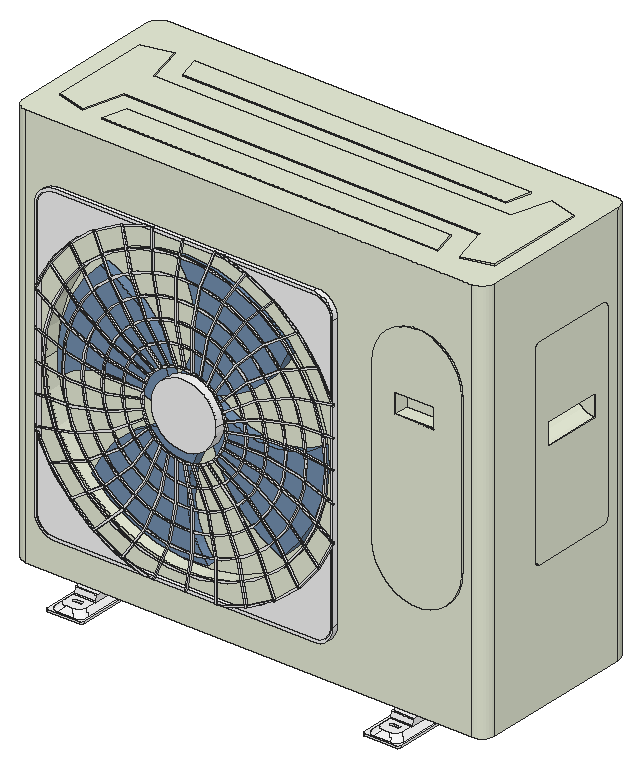
Revit family "MDV-V120W$DHN1(C) ", category Mechanical Equipment, Revit 2013
Parameters (values of type "MDV-V120W/DHN1(C)")
  clearance access right = 600.000 mm
  clearance access left = 300.000 mm
  clearance access front = 2000.000 mm
  clearance access behind = 300.000 mm
  clearance [instance] = no
  Width = 950.000 mm
  Series = "VRF"
  Power supply = "220-240V 1Ph~50Hz/60Hz"
  Net Weight = 83.00 kg
  Model = "MDV-V120W/DHN1(C)"
  Minimum Circuit Amps = 35 A
  Min cable selection (power wiring) = "3×6 mm2"
  Maximum Fuse Amps = 40 A
  Manufacturer = "Midea"
  Liquid pipe Radius = 0.5 * Liquid pipe  # 4.765 mm
  Liquid pipe = 9.530 mm
  Installation = "Outdoor installation"
  Height = 840.000 mm
  Heating Power Input = 3.45 kW
  Heating Capacity = 14.00 kW
  Gas pipe Radius = 0.5 * Gas pipe  # 7.950 mm
  Gas pipe = 15.900 mm
  Gas = "R410A"
  Description = "High efficiency air cooled"
  Depth = 360.000 mm
  Cooling Power Input = 3.10 kW
  Cooling Capacity = 12.00 kW
  Condensation = "Air"
  Compressor = "1"
  Casing color = "SB2098"
  Air Flow = 5000.00 m³/h
Reference planes
  plane 1 "Center (Front/Back)": y = 0
  plane 2: z = 0
  plane 3 "Center (Left/Right)": x = 0
  plane 4: y = 221
  plane 5: y = -139
  plane 6: x = -473
  plane 7: x = 473
  plane 8: z = 406.5
  plane 9: z = 300.608
  plane 10: z = 840
  plane 11: x = 557
Forms (mm)
  Extrusion 1, solid, material "Galvanized Steel", detail levels medium+fine
    sketch origin (-463, 0, 789) x (1, 0, 0) y (0, 1, 0)
      loop
        line (911, 221) -> (15, 221)
        arc (15, 221) -> (-2.678, 213.678) -> (-10, 196) r 25
        line (-10, 196) -> (-10, -114)
        arc (-10, -114) -> (-2.678, -131.678) -> (15, -139) r 25
        line (15, -139) -> (911, -139)
        arc (911, -139) -> (928.678, -131.678) -> (936, -114) r 25
        line (936, -114) -> (936, 196)
        arc (936, 196) -> (928.678, 213.678) -> (911, 221) r 25
    from -765 to 49
  Extrusion 2, void
    sketch origin (0, 0, 0) x (1, 0, 0) y (0, 0, 1)
      loop
        circle (-122.999, 406.499) r 286
    from 110.334 to 159
  Extrusion 3, solid, material "Galvanized Steel", detail levels fine
    sketch origin (0, 20, 0) x (1, 0, 0) y (0, 1, 0)
      loop
        line (-436.632, 111.286) -> (-436.632, -88.714) -> (-378.677, -104.243) -> (-357.971, -26.969) -> (0, -26.969) -> (357.971, -26.969) -> (378.677, -104.243) -> (436.632, -88.714) -> (436.632, 111.286) -> (378.677, 126.816) -> (357.971, 49.542) -> (0, 49.542) -> (-357.971, 49.542) -> (-378.677, 126.816) -> (-436.632, 111.286)
      loop
        line (-337.266, 126.816) -> (-324.511, 79.213) -> (0, 79.213) -> (324.511, 79.213) -> (337.266, 126.816) -> (0, 126.816) -> (-337.266, 126.816)
      loop
        line (-337.266, -106.816) -> (0, -106.816) -> (337.266, -106.816) -> (324.511, -59.213) -> (0, -59.213) -> (-324.511, -59.213) -> (-337.266, -106.816)
    from 838 to 840
  Extrusion 4, solid, material "Galvanized Steel", detail levels fine
    sketch origin (0, 5, 0) x (0, 1, 0) y (0, 0, 1)
      loop
        arc (-8.433, 685.069) -> (-15.504, 682.14) -> (-18.433, 675.069) r 10
        line (-18.433, 675.069) -> (-18.433, 295.069)
        arc (-18.433, 295.069) -> (-15.504, 287.998) -> (-8.433, 285.069) r 10
        line (-8.433, 285.069) -> (151.567, 285.069)
        arc (151.567, 285.069) -> (158.638, 287.998) -> (161.567, 295.069) r 10
        line (161.567, 295.069) -> (161.567, 675.069)
        arc (161.567, 675.069) -> (158.638, 682.14) -> (151.567, 685.069) r 10
        line (151.567, 685.069) -> (-8.433, 685.069)
    from 473 to 475
  Extrusion 5, solid, material "Galvanized Steel", detail levels fine
    sketch origin (-473, 221, 810) x (1, 0, 0) y (0, 0, -1)
      loop
        line (721.211, 499.033) -> (721.211, 179.033)
        arc (721.211, 179.033) -> (811.211, 89.033) -> (901.211, 179.033) r 90
        line (901.211, 179.033) -> (901.211, 499.033)
        arc (901.211, 499.033) -> (811.211, 589.033) -> (721.211, 499.033) r 90
    from -362 to -360
  Extrusion 6, void
    sketch origin (-438, -141, 810) x (1, 0, 0) y (0, 0, -1)
      loop
        line (731.52, 217.5) -> (811.52, 217.5) -> (811.52, 257.5) -> (731.52, 257.5) -> (731.52, 217.5)
    from 0 to 30.666
  Extrusion 7, void
    sketch origin (2, 0, 0) x (1, 0, 0) y (0, 0, 1)
      loop
        line (446.25, 532.035) -> (428.211, 532.035)
        arc (428.211, 532.035) -> (441.329, 500.364) -> (473, 487.246) r 44.789
        line (473, 487.246) -> (473, 532.035) -> (446.25, 532.035)
    from -137.024 to -16.461
  Extrusion 8, solid, material "Galvanized Steel"
    sketch origin (458, -139, 799) x (-1, 0, 0) y (0, 0, -1)
      loop
        circle (30.982, 736.541) r 4.765
    from -381 to -333.512
  Extrusion 9, solid, material "Galvanized Steel"
    sketch origin (458, -139, 829) x (-1, 0, 0) y (0, 0, -1)
      loop
        circle (30.982, 736.541) r 7.95
    from -381 to -333.512
Cuts and joins
  Extrusion 2, Extrusion 6, Extrusion 7 cuts Extrusion 1
  Extrusion 6 cuts Extrusion 5
  Extrusion 7 cuts Extrusion 4
Lines and regions (mm)
  model lines
    curve 1: line (-473, 221, 24) -> (-473, -139, 24)
    curve 2: line (473, 221, 24) -> (-473, 221, 24)
    curve 3: line (473, -139, 24) -> (473, 221, 24)
    curve 4: line (-473, -139, 24) -> (473, -139, 24)
    curve 5: line (473, 221, 838) -> (473, 221, 24)
    curve 6: line (-473, 221, 24) -> (-473, 221, 838)
    curve 7: line (473, -139, 838) -> (473, -139, 24)
    curve 8: line (-473, -139, 24) -> (-473, -139, 838)
    curve 9: line (473, -139, 838) -> (473, 221, 838)
    curve 10: line (473, 221, 838) -> (-473, 221, 838)
    curve 11: line (-473, 221, 838) -> (-473, -139, 838)
    curve 12: line (-473, -139, 838) -> (473, -139, 838)
Dimensions and locks
  aligned and locked: level to plane 2
Nested families
  nested 1: "xiaodijia2" at (318, 20, 0), type "xiaodijia2", detail levels medium+fine
  nested 2: "xiaodijia2" at (-318, 20, 0), type "xiaodijia2", detail levels medium+fine
  nested 3: "fengkou300（fangxing2）" at (-123, -149, 406.5) x (1, 0, 0) z (0, 1, 0), type "fengkou300（fangxing2）", detail levels medium+fine
  nested 4: "fengshan270" at (-122.996, -100, 406.5) x (0, 0, 1) z (0, -1, 0), type "fengshan270", detail levels fine
  nested 5: "service space" at (473, -139, 0), Height <- "Height", visible <- "clearance", type "Midea Service  Space"
    with Width 600.000 mm, Height 840.000 mm, Depth 360.000 mm
  nested 6: "service space" at (-773, -139, 0), Height <- "Height", visible <- "clearance", type "Midea Service  Space"
    with Width 300.000 mm, Height 840.000 mm, Depth 360.000 mm
  nested 7: "service space" at (-473, 221, 0), Height <- "Height", visible <- "clearance", type "Midea Service  Space"
    with Width 946.000 mm, Height 840.000 mm, Depth 300.000 mm
  nested 8: "service space" at (-473, -2139, 0), Height <- "Height", visible <- "clearance", type "Midea Service  Space"
    with Width 946.000 mm, Height 840.000 mm, Depth 2000.000 mm
Connectors
  electrical at (333.52, -141, 572.5)
    settings: on cut or joined group of Extrusion 5, Extrusion 6, index 1, voltage 220 V, apparent load 0 VA, apparent load phase1 0 VA, apparent load phase2 0 VA, apparent load phase3 0 VA, power factor 1, load classification "HVAC", number of poles 1, system type 30, power factor state 1, is connector primary yes, connector utility no, sub classification motor no, connector description ""
  piping at (427.018, 242, 62.459), driven by "Liquid pipe Radius"
    settings: on Extrusion 8, index 2, connector radius 0.1876", flow factor 0, pipe flow 0 GPM, pressure drop 0.00 psi, fitting loss kfactor 0, connector angle 0.00°, fixture units 0, engagement length 0.000 mm, flow configuration 0, flow direction 0, fitting loss method 0, system type 7, joint type 0, gender type 0, connector reference index -1, connector utility 0, adjustable connector no, is connector primary yes, fitting loss table "", connector description ""
  piping at (427.018, 242, 92.459), driven by "Gas pipe Radius"
    settings: on Extrusion 9, index 3, connector radius 0.31299", flow factor 0, pipe flow 0 GPM, pressure drop 0.00 psi, fitting loss kfactor 0, connector angle 0.00°, fixture units 0, engagement length 0.000 mm, flow configuration 0, flow direction 0, fitting loss method 0, system type 8, joint type 0, gender type 0, connector reference index -1, connector utility 0, adjustable connector no, is connector primary no, fitting loss table "", connector description ""
Definition of nested family "xiaodijia2"
  Reference planes
    plane 1 "Center (Front/Back)": y = 0
    plane 2: z = 0
    plane 3 "Center (Left/Right)": x = 0
    plane 4: y = 227
    plane 5: x = -36.5
    plane 6: x = 36.5
    plane 7: z = 12
    plane 8: z = 3
    plane 9: z = 24
    plane 10: y = -20
    plane 11: y = 20
    plane 12: x = 21.5
    plane 13: x = -21.5
    plane 14: y = 190
    plane 15: y = -190
    plane 16: x = -6
    plane 17: x = 6
    plane 18: y = -186
    plane 19: y = -194
  Forms (mm)
    Blend 1, solid, material "HXL White"
      base sketch origin (0, 0, 0) x (1, 0, 0) y (0, 1, 0)
        loop
          line (6.5, 212) -> (-6.5, 212)
          arc (-6.5, 212) -> (-17.107, 207.607) -> (-21.5, 197) r 15
          line (-21.5, 197) -> (-21.5, -197)
          arc (-21.5, -197) -> (-17.107, -207.607) -> (-6.5, -212) r 15
          line (-6.5, -212) -> (6.5, -212)
          arc (6.5, -212) -> (17.107, -207.607) -> (21.5, -197) r 15
          line (21.5, -197) -> (21.5, 197)
          arc (21.5, 197) -> (17.107, 207.607) -> (6.5, 212) r 15
      top sketch origin (0, 0, 0) x (1, 0, 0) y (0, 1, 0)
        loop
          line (26.5, 222) -> (-26.5, 222)
          arc (-26.5, 222) -> (-30.036, 220.536) -> (-31.5, 217) r 5
          line (-31.5, 217) -> (-31.5, -207)
          arc (-31.5, -207) -> (-27.107, -217.607) -> (-16.5, -222) r 15
          line (-16.5, -222) -> (16.5, -222)
          arc (16.5, -222) -> (27.107, -217.607) -> (31.5, -207) r 15
          line (31.5, -207) -> (31.5, 217)
          arc (31.5, 217) -> (30.036, 220.536) -> (26.5, 222) r 5
      from 12 to 3
    Blend 2, void
      base sketch origin (0, 0, 0) x (1, 0, 0) y (0, 1, 0)
        loop
          line (6.5, 202) -> (-6.5, 202)
          arc (-6.5, 202) -> (-10.036, 200.536) -> (-11.5, 197) r 5
          line (-11.5, 197) -> (-11.5, -197)
          arc (-11.5, -197) -> (-10.036, -200.536) -> (-6.5, -202) r 5
          line (-6.5, -202) -> (6.5, -202)
          arc (6.5, -202) -> (10.036, -200.536) -> (11.5, -197) r 5
          line (11.5, -197) -> (11.5, 197)
          arc (11.5, 197) -> (10.036, 200.536) -> (6.5, 202) r 5
      top sketch origin (0, 0, 0) x (1, 0, 0) y (0, 1, 0)
        loop
          line (31.5, -207) -> (31.5, 217)
          arc (31.5, 217) -> (30.036, 220.536) -> (26.5, 222) r 5
          line (26.5, 222) -> (-26.5, 222)
          arc (-26.5, 222) -> (-30.036, 220.536) -> (-31.5, 217) r 5
          line (-31.5, 217) -> (-31.5, -207)
          arc (-31.5, -207) -> (-27.107, -217.607) -> (-16.5, -222) r 15
          line (-16.5, -222) -> (16.5, -222)
          arc (16.5, -222) -> (27.107, -217.607) -> (31.5, -207) r 15
      from 8.355 to 3
    Extrusion 3, solid, material "HXL White"
      sketch origin (0, 0, 0) x (1, 0, 0) y (0, 1, 0)
        loop
          arc (-31.5, 227) -> (-35.036, 225.536) -> (-36.5, 222) r 5
          line (-36.5, 222) -> (-36.5, -222)
          arc (-36.5, -222) -> (-35.036, -225.536) -> (-31.5, -227) r 5
          line (-31.5, -227) -> (31.5, -227)
          arc (31.5, -227) -> (35.036, -225.536) -> (36.5, -222) r 5
          line (36.5, -222) -> (36.5, 222)
          arc (36.5, 222) -> (35.036, 225.536) -> (31.5, 227) r 5
          line (31.5, 227) -> (-31.5, 227)
        loop
          arc (-26.5, 222) -> (-30.036, 220.536) -> (-31.5, 217) r 5
          line (-31.5, 217) -> (-31.5, -207)
          arc (-31.5, -207) -> (-27.107, -217.607) -> (-16.5, -222) r 15
          line (-16.5, -222) -> (16.5, -222)
          arc (16.5, -222) -> (27.107, -217.607) -> (31.5, -207) r 15
          line (31.5, -207) -> (31.5, 217)
          arc (31.5, 217) -> (30.036, 220.536) -> (26.5, 222) r 5
          line (26.5, 222) -> (-26.5, 222)
      from 0 to 3
    Extrusion 4, solid, material "HXL White"
      sketch origin (0, 0, 0) x (0, 1, 0) y (0, 0, 1)
        loop
          arc (-19.275, 24) -> (-19.902, 23.667) -> (-20.264, 23.056) r 1.312
          line (-20.264, 23.056) -> (-22.833, 13.434)
          arc (-22.833, 13.434) -> (-23.437, 12.605) -> (-24.266, 12) r 3.318
          line (-24.266, 12) -> (24.266, 12)
          arc (24.266, 12) -> (23.437, 12.605) -> (22.833, 13.434) r 3.318
          line (22.833, 13.434) -> (20.264, 23.056)
          arc (20.264, 23.056) -> (19.902, 23.667) -> (19.275, 24) r 1.312
          line (19.275, 24) -> (-19.275, 24)
      from -21.5 to 21.5
    Extrusion 5, solid, material "HXL White"
      sketch origin (0, 150, 0) x (0, 1, 0) y (0, 0, 1)
        loop
          arc (-19.275, 24) -> (-19.902, 23.667) -> (-20.264, 23.056) r 1.312
          line (-20.264, 23.056) -> (-22.833, 13.434)
          arc (-22.833, 13.434) -> (-23.437, 12.605) -> (-24.266, 12) r 3.318
          line (-24.266, 12) -> (24.266, 12)
          arc (24.266, 12) -> (23.437, 12.605) -> (22.833, 13.434) r 3.318
          line (22.833, 13.434) -> (20.264, 23.056)
          arc (20.264, 23.056) -> (19.902, 23.667) -> (19.275, 24) r 1.312
          line (19.275, 24) -> (-19.275, 24)
      from -21.5 to 21.5
    Extrusion 6, solid, material "HXL White"
      sketch origin (0, -150, 0) x (0, 1, 0) y (0, 0, 1)
        loop
          arc (-19.275, 24) -> (-19.902, 23.667) -> (-20.264, 23.056) r 1.312
          line (-20.264, 23.056) -> (-22.833, 13.434)
          arc (-22.833, 13.434) -> (-23.437, 12.605) -> (-24.266, 12) r 3.318
          line (-24.266, 12) -> (24.266, 12)
          arc (24.266, 12) -> (23.437, 12.605) -> (22.833, 13.434) r 3.318
          line (22.833, 13.434) -> (20.264, 23.056)
          arc (20.264, 23.056) -> (19.902, 23.667) -> (19.275, 24) r 1.312
          line (19.275, 24) -> (-19.275, 24)
      from -21.5 to 21.5
    Extrusion 7, void
      sketch origin (0, 0, 0) x (1, 0, 0) y (0, 1, 0)
        loop
          arc (-6, -186) -> (-10, -190) -> (-6, -194) r 4
          line (-6, -194) -> (6, -194)
          arc (6, -194) -> (10, -190) -> (6, -186) r 4
          line (6, -186) -> (-6, -186)
        loop
          line (-6, 186) -> (6, 186)
          arc (6, 186) -> (10, 190) -> (6, 194) r 4
          line (6, 194) -> (-6, 194)
          arc (-6, 194) -> (-10, 190) -> (-6, 186) r 4
      from 0 to 20
  Cuts and joins
    Blend 2, Extrusion 7 cuts Blend 1
  Dimensions and locks
    aligned and locked: level to plane 2
Definition of nested family "fengkou300（fangxing2）"
  Parameters (values of type "fengkou300（fangxing2）")
    Series = ""
    Machine material = Midea White
    Installation = ""
    Gas = ""
    Condensation = ""
  Reference planes
    plane 1 "Center (Front/Back)": y = 0
    plane 2: z = 0
    plane 3 "Center (Left/Right)": x = 0
    plane 4: y = 316
    plane 5: y = -316
    plane 6: x = -300
    plane 7: x = 300
    plane 8: through (306.104, -306.102, 1219.2) normal (-0.7071, -0.7071, 0)
    plane 9: through (-306.478, -306.479, 1219.2) normal (0.7071, -0.7071, 0)
  Forms (mm)
    Extrusion 1, solid, material "Midea White" <- "Machine material"
      sketch origin (0, 0, 0) x (1, 0, 0) y (0, 1, 0)
        loop
          arc (-260, 316) -> (-288.284, 304.284) -> (-300, 276) r 40
          line (-300, 276) -> (-300, -276)
          arc (-300, -276) -> (-288.284, -304.284) -> (-260, -316) r 40
          line (-260, -316) -> (260, -316)
          arc (260, -316) -> (288.284, -304.284) -> (300, -276) r 40
          line (300, -276) -> (300, 276)
          arc (300, 276) -> (288.284, 304.284) -> (260, 316) r 40
          line (260, 316) -> (-260, 316)
        loop
          line (260, 311) -> (-260, 311)
          arc (-260, 311) -> (-284.749, 300.749) -> (-295, 276) r 35
          line (-295, 276) -> (-295, -276)
          arc (-295, -276) -> (-284.749, -300.749) -> (-260, -311) r 35
          line (-260, -311) -> (260, -311)
          arc (260, -311) -> (284.749, -300.749) -> (295, -276) r 35
          line (295, -276) -> (295, 276)
          arc (295, 276) -> (284.749, 300.749) -> (260, 311) r 35
      from 0 to 10
    Extrusion 2, solid, material "Midea White" <- "Machine material"
      sketch origin (-1059.446, 0, 0) x (1, 0, 0) y (0, 1, 0)
        loop
          arc (1057.944, 325.999) -> (1075.678, 204.494) -> (1057.944, 82.989) r 425.111
          line (1057.944, 82.989) -> (1060.944, 82.989)
          arc (1060.944, 82.989) -> (1079.329, 204.494) -> (1060.944, 325.999) r 410.684
          line (1060.944, 325.999) -> (1057.944, 325.999)
        loop
          arc (1060.948, -325.999) -> (1043.214, -204.494) -> (1060.948, -82.989) r 425.111
          line (1060.948, -82.989) -> (1057.948, -82.989)
          arc (1057.948, -82.989) -> (1039.562, -204.494) -> (1057.948, -325.999) r 410.684
          line (1057.948, -325.999) -> (1060.948, -325.999)
        loop
          arc (1385.445, 1.502) -> (1263.939, -16.232) -> (1142.434, 1.502) r 425.111
          line (1142.434, 1.502) -> (1142.434, -1.498)
          arc (1142.434, -1.498) -> (1263.939, -19.884) -> (1385.445, -1.498) r 410.684
          line (1385.445, -1.498) -> (1385.445, 1.502)
        loop
          arc (733.447, -1.502) -> (854.952, 16.232) -> (976.457, -1.502) r 425.111
          line (976.457, -1.502) -> (976.457, 1.498)
          arc (976.457, 1.498) -> (854.952, 19.884) -> (733.447, 1.498) r 410.684
          line (733.447, 1.498) -> (733.447, -1.502)
        loop
          arc (1288.9, 231.578) -> (1215.522, 133.121) -> (1117.065, 59.744) r 425.111
          line (1117.065, 59.744) -> (1119.187, 57.623)
          arc (1119.187, 57.623) -> (1218.105, 130.539) -> (1291.021, 229.457) r 410.684
          line (1291.021, 229.457) -> (1288.9, 231.578)
        loop
          arc (829.992, -231.578) -> (903.369, -133.121) -> (1001.826, -59.744) r 425.111
          line (1001.826, -59.744) -> (999.705, -57.623)
          arc (999.705, -57.623) -> (900.787, -130.539) -> (827.871, -229.457) r 410.684
          line (827.871, -229.457) -> (829.992, -231.578)
        loop
          arc (1291.024, -229.454) -> (1192.567, -156.077) -> (1119.19, -57.62) r 425.111
          line (1119.19, -57.62) -> (1117.068, -59.741)
          arc (1117.068, -59.741) -> (1189.985, -158.659) -> (1288.903, -231.575) r 410.684
          line (1288.903, -231.575) -> (1291.024, -229.454)
        loop
          arc (827.868, 229.454) -> (926.325, 156.077) -> (999.702, 57.62) r 425.111
          line (999.702, 57.62) -> (1001.823, 59.741)
          arc (1001.823, 59.741) -> (928.907, 158.659) -> (829.989, 231.575) r 410.684
          line (829.989, 231.575) -> (827.868, 229.454)
        loop
          arc (1182.812, 301.758) -> (1152.699, 182.716) -> (1089.816, 77.246) r 425.111
          line (1089.816, 77.246) -> (1092.588, 76.098)
          arc (1092.588, 76.098) -> (1156.072, 181.318) -> (1185.584, 300.61) r 410.684
          line (1185.584, 300.61) -> (1182.812, 301.758)
        loop
          arc (936.079, -301.758) -> (966.193, -182.716) -> (1029.075, -77.246) r 425.111
          line (1029.075, -77.246) -> (1026.304, -76.098)
          arc (1026.304, -76.098) -> (962.819, -181.318) -> (933.308, -300.61) r 410.684
          line (933.308, -300.61) -> (936.079, -301.758)
        loop
          arc (1361.204, -123.366) -> (1242.162, -93.253) -> (1136.692, -30.371) r 425.111
          line (1136.692, -30.371) -> (1135.544, -33.142)
          arc (1135.544, -33.142) -> (1240.764, -96.626) -> (1360.056, -126.138) r 410.684
          line (1360.056, -126.138) -> (1361.204, -123.366)
        loop
          arc (757.687, 123.366) -> (876.73, 93.253) -> (982.199, 30.371) r 425.111
          line (982.199, 30.371) -> (983.347, 33.142)
          arc (983.347, 33.142) -> (878.127, 96.626) -> (758.835, 126.138) r 410.684
          line (758.835, 126.138) -> (757.687, 123.366)
        loop
          arc (1360.054, 126.142) -> (1254.585, 63.26) -> (1135.542, 33.146) r 425.111
          line (1135.542, 33.146) -> (1136.69, 30.375)
          arc (1136.69, 30.375) -> (1255.982, 59.886) -> (1361.203, 123.37) r 410.684
          line (1361.203, 123.37) -> (1360.054, 126.142)
        loop
          arc (758.837, -126.142) -> (864.307, -63.26) -> (983.349, -33.146) r 425.111
          line (983.349, -33.146) -> (982.201, -30.375)
          arc (982.201, -30.375) -> (862.909, -59.886) -> (757.689, -123.37) r 410.684
          line (757.689, -123.37) -> (758.837, -126.142)
        loop
          arc (1185.588, -300.609) -> (1122.706, -195.139) -> (1092.592, -76.097) r 425.111
          line (1092.592, -76.097) -> (1089.82, -77.245)
          arc (1089.82, -77.245) -> (1119.332, -196.537) -> (1182.816, -301.757) r 410.684
          line (1182.816, -301.757) -> (1185.588, -300.609)
        loop
          arc (933.304, 300.609) -> (996.186, 195.139) -> (1026.3, 76.097) r 425.111
          line (1026.3, 76.097) -> (1029.071, 77.245)
          arc (1029.071, 77.245) -> (999.56, 196.537) -> (936.075, 301.757) r 410.684
          line (936.075, 301.757) -> (933.304, 300.609)
        loop
          arc (1121.572, 320.028) -> (1115.261, 197.398) -> (1074.163, 81.687) r 425.111
          line (1074.163, 81.687) -> (1077.105, 81.102)
          arc (1077.105, 81.102) -> (1118.842, 196.685) -> (1124.514, 319.443) r 410.684
          line (1124.514, 319.443) -> (1121.572, 320.028)
        loop
          arc (997.32, -320.028) -> (1003.631, -197.398) -> (1044.729, -81.687) r 425.111
          line (1044.729, -81.687) -> (1041.786, -81.102)
          arc (1041.786, -81.102) -> (1000.049, -196.685) -> (994.378, -319.443) r 410.684
          line (994.378, -319.443) -> (997.32, -320.028)
        loop
          arc (1379.474, -62.126) -> (1256.843, -55.815) -> (1141.133, -14.717) r 425.111
          line (1141.133, -14.717) -> (1140.548, -17.659)
          arc (1140.548, -17.659) -> (1256.131, -59.396) -> (1378.888, -65.068) r 410.684
          line (1378.888, -65.068) -> (1379.474, -62.126)
        loop
          arc (739.418, 62.126) -> (862.048, 55.815) -> (977.759, 14.717) r 425.111
          line (977.759, 14.717) -> (978.344, 17.659)
          arc (978.344, 17.659) -> (862.761, 59.396) -> (740.003, 65.068) r 410.684
          line (740.003, 65.068) -> (739.418, 62.126)
        loop
          arc (1329.669, 182.364) -> (1238.494, 100.114) -> (1127.614, 47.355) r 425.111
          line (1127.614, 47.355) -> (1129.28, 44.861)
          arc (1129.28, 44.861) -> (1240.523, 97.078) -> (1331.336, 179.87) r 410.684
          line (1331.336, 179.87) -> (1329.669, 182.364)
        loop
          arc (789.222, -182.364) -> (880.397, -100.114) -> (991.278, -47.355) r 425.111
          line (991.278, -47.355) -> (989.611, -44.861)
          arc (989.611, -44.861) -> (878.369, -97.078) -> (787.556, -179.87) r 410.684
          line (787.556, -179.87) -> (789.222, -182.364)
        loop
          arc (1241.81, -270.223) -> (1159.56, -179.048) -> (1106.801, -68.168) r 425.111
          line (1106.801, -68.168) -> (1104.306, -69.835)
          arc (1104.306, -69.835) -> (1156.524, -181.077) -> (1239.316, -271.89) r 410.684
          line (1239.316, -271.89) -> (1241.81, -270.223)
        loop
          arc (877.082, 270.223) -> (959.332, 179.048) -> (1012.091, 68.168) r 425.111
          line (1012.091, 68.168) -> (1014.585, 69.835)
          arc (1014.585, 69.835) -> (962.368, 181.077) -> (879.576, 271.89) r 410.684
          line (879.576, 271.89) -> (877.082, 270.223)
        loop
          arc (1239.312, 271.893) -> (1186.553, 161.012) -> (1104.303, 69.837) r 425.111
          line (1104.303, 69.837) -> (1106.797, 68.17)
          arc (1106.797, 68.17) -> (1189.589, 158.984) -> (1241.806, 270.226) r 410.684
          line (1241.806, 270.226) -> (1239.312, 271.893)
        loop
          arc (879.58, -271.893) -> (932.339, -161.012) -> (1014.589, -69.837) r 425.111
          line (1014.589, -69.837) -> (1012.094, -68.17)
          arc (1012.094, -68.17) -> (929.303, -158.984) -> (877.085, -270.226) r 410.684
          line (877.085, -270.226) -> (879.58, -271.893)
        loop
          arc (1331.338, -179.866) -> (1220.458, -127.107) -> (1129.283, -44.857) r 425.111
          line (1129.283, -44.857) -> (1127.616, -47.351)
          arc (1127.616, -47.351) -> (1218.429, -130.143) -> (1329.672, -182.361) r 410.684
          line (1329.672, -182.361) -> (1331.338, -179.866)
        loop
          arc (787.553, 179.866) -> (898.434, 127.107) -> (989.609, 44.857) r 425.111
          line (989.609, 44.857) -> (991.275, 47.351)
          arc (991.275, 47.351) -> (900.462, 130.143) -> (789.22, 182.361) r 410.684
          line (789.22, 182.361) -> (787.553, 179.866)
        loop
          arc (1378.887, 65.072) -> (1263.177, 23.975) -> (1140.547, 17.664) r 425.111
          line (1140.547, 17.664) -> (1141.132, 14.721)
          arc (1141.132, 14.721) -> (1263.889, 20.393) -> (1379.473, 62.13) r 410.684
          line (1379.473, 62.13) -> (1378.887, 65.072)
        loop
          arc (740.004, -65.072) -> (855.715, -23.975) -> (978.345, -17.664) r 425.111
          line (978.345, -17.664) -> (977.76, -14.721)
          arc (977.76, -14.721) -> (855.002, -20.393) -> (739.419, -62.13) r 410.684
          line (739.419, -62.13) -> (740.004, -65.072)
        loop
          arc (1124.518, -319.442) -> (1083.42, -203.731) -> (1077.109, -81.101) r 425.111
          line (1077.109, -81.101) -> (1074.167, -81.686)
          arc (1074.167, -81.686) -> (1079.839, -204.444) -> (1121.576, -320.027) r 410.684
          line (1121.576, -320.027) -> (1124.518, -319.442)
        loop
          arc (994.373, 319.442) -> (1035.471, 203.731) -> (1041.782, 81.101) r 425.111
          line (1041.782, 81.101) -> (1044.725, 81.686)
          arc (1044.725, 81.686) -> (1039.053, 204.444) -> (997.316, 320.027) r 410.684
          line (997.316, 320.027) -> (994.373, 319.442)
      from 0 to 2
    Extrusion 3, solid, material "Midea White" <- "Machine material"
      sketch origin (-1059.446, 0, 0) x (1, 0, 0) y (0, 1, 0)
        loop
          circle (1059.448, 0) r 65
      from 0 to 20
    Extrusion 4, solid, material "Midea White" <- "Machine material"
      sketch origin (0, 0, 0) x (1, 0, 0) y (0, 1, 0)
        loop
          circle (0, 0.002) r 326
        loop
          circle (0, 0.002) r 323
        loop
          circle (0, 0.002) r 286
        loop
          circle (0, 0.002) r 283
        loop
          circle (0, 0.002) r 246
        loop
          circle (0, 0.002) r 243
        loop
          circle (0, 0.002) r 206
        loop
          circle (0, 0.002) r 203
        loop
          circle (0, 0.002) r 166
        loop
          circle (0, 0.002) r 163
        loop
          circle (0, 0.002) r 126
        loop
          circle (0, 0.002) r 123
        loop
          circle (0, 0.002) r 86
        loop
          circle (0, 0.002) r 83
      from 0 to 2
    Extrusion 5, void
      sketch origin (0, 0, 0) x (1, 0, 0) y (0, 1, 0)
        loop
          line (260, 316) -> (-260, 316)
          arc (-260, 316) -> (-288.284, 304.284) -> (-300, 276) r 40
          line (-300, 276) -> (-300, -276)
          arc (-300, -276) -> (-288.284, -304.284) -> (-260, -316) r 40
          line (-260, -316) -> (260, -316)
          arc (260, -316) -> (288.284, -304.284) -> (300, -276) r 40
          line (300, -276) -> (300, 276)
          arc (300, 276) -> (288.284, 304.284) -> (260, 316) r 40
        loop
          arc (-260, 416) -> (-358.995, 374.995) -> (-400, 276) r 140
          line (-400, 276) -> (-400, -276)
          arc (-400, -276) -> (-358.995, -374.995) -> (-260, -416) r 140
          line (-260, -416) -> (260, -416)
          arc (260, -416) -> (358.995, -374.995) -> (400, -276) r 140
          line (400, -276) -> (400, 276)
          arc (400, 276) -> (358.995, 374.995) -> (260, 416) r 140
          line (260, 416) -> (-260, 416)
      from 0 to 250
    Extrusion 6, solid, material "Midea White" <- "Machine material"
      sketch origin (0, 0, 0) x (1, 0, 0) y (0, 1, 0)
        loop
          line (-97.757, 311) -> (-260, 311)
          arc (-260, 311) -> (-284.749, 300.749) -> (-295, 276) r 35
          line (-295, 276) -> (-295, 138.75)
          arc (-295, 138.75) -> (-214.434, 245.551) -> (-97.757, 311) r 326
        loop
          arc (-295, -276) -> (-284.749, -300.749) -> (-260, -311) r 35
          line (-260, -311) -> (-97.743, -311)
          arc (-97.743, -311) -> (-214.429, -245.551) -> (-295, -138.746) r 326
          line (-295, -138.746) -> (-295, -276)
        loop
          arc (260, -311) -> (284.749, -300.749) -> (295, -276) r 35
          line (295, -276) -> (295, -138.746)
          arc (295, -138.746) -> (214.429, -245.551) -> (97.743, -311) r 326
          line (97.743, -311) -> (260, -311)
        loop
          arc (295, 276) -> (284.749, 300.749) -> (260, 311) r 35
          line (260, 311) -> (97.757, 311)
          arc (97.757, 311) -> (214.434, 245.551) -> (295, 138.75) r 326
          line (295, 138.75) -> (295, 276)
      from 0 to 2
  Cuts and joins
    Extrusion 5 cuts Extrusion 1
    Extrusion 5 cuts Extrusion 2
    Extrusion 5 cuts Extrusion 4
  Dimensions and locks
    aligned and locked: level to plane 2
Definition of nested family "fengshan270"
  Reference planes
    plane 1 "Center (Front/Back)": y = 0
    plane 2: z = 0
    plane 3 "Center (Left/Right)": x = 0
  Forms (mm)
    Extrusion 1, solid, material "Midea Dark Blue"
      sketch origin (0, 0, 0) x (1, 0, 0) y (0, 1, 0)
        loop
          circle (0, 0) r 50
      from 0 to 30
    Extrusion 2, solid, material "Midea Dark Blue"
      sketch origin (-20, 0, 0) x (0, -1, 0) y (1, 0, 0)
        loop
          arc (32.105, 288.084) -> (-94.042, 273.093) -> (-199.371, 202.075) r 270
          arc (-199.371, 202.075) -> (-134.798, 110.882) -> (-35, 60.622) r 231.205
          arc (-35, 60.622) -> (0, 70) -> (35, 60.622) r 70
          arc (35, 60.622) -> (-8.793, 173.814) -> (32.105, 288.084) r 173.918
      from 0 to 30
    Extrusion 3, solid, material "Midea Dark Blue"
      sketch origin (20, 0, 0) x (0, 1, 0) y (-1, 0, 0)
        loop
          arc (32.105, 288.084) -> (-94.042, 273.093) -> (-199.371, 202.075) r 270
          arc (-199.371, 202.075) -> (-134.798, 110.882) -> (-35, 60.622) r 231.205
          arc (-35, 60.622) -> (0, 70) -> (35, 60.622) r 70
          arc (35, 60.622) -> (-8.793, 173.814) -> (32.105, 288.084) r 173.918
      from 0 to 30
    Extrusion 4, solid, material "Midea Dark Blue"
      sketch origin (0, 0, 0) x (1, 0, 0) y (0, 1, 0)
        loop
          arc (32.105, 268.084) -> (-94.042, 253.093) -> (-199.371, 182.075) r 270
          arc (-199.371, 182.075) -> (-134.798, 90.882) -> (-35, 40.622) r 231.205
          arc (-35, 40.622) -> (0, 50) -> (35, 40.622) r 70
          arc (35, 40.622) -> (-8.793, 153.814) -> (32.105, 268.084) r 173.918
        loop
          arc (199.371, -182.075) -> (134.798, -90.882) -> (35, -40.622) r 231.205
          arc (35, -40.622) -> (0, -50) -> (-35, -40.622) r 70
          arc (-35, -40.622) -> (8.793, -153.814) -> (-32.105, -268.084) r 173.918
          arc (-32.105, -268.084) -> (94.042, -253.093) -> (199.371, -182.075) r 270
      from 0 to 30
  Dimensions and locks
    aligned and locked: level to plane 2
Definition of nested family "service space"
  Parameters (values of type "Midea Service  Space")
    Width [instance] = 500.000 mm
    Height [instance] = 500.000 mm
    Depth [instance] = 500.000 mm
  Reference planes
    plane 1 "Center (Front/Back)": y = 0
    plane 2: z = 0
    plane 3 "Center (Left/Right)": x = 0
    plane 4: z = 500
    plane 5: y = 500
    plane 6: x = 500
  Forms (mm)
    Extrusion 1, solid, material "Midea Service Space-HDY"
      sketch origin (0, 0, 0) x (1, 0, 0) y (0, 1, 0)
        loop
          line (0, 500) -> (0, 0) -> (500, 0) -> (500, 500) -> (0, 500)
      from 0 to 500
  Dimensions and locks
    "Width": plane 3 "Center (Left/Right)" to plane 6
    "Depth": plane 5 to plane 1 "Center (Front/Back)"
    "Height": level to plane 4
    aligned and locked: level to plane 2
    aligned and locked: plane 5 to Extrusion 1
    aligned and locked: Extrusion 1 to plane 6
    aligned and locked: Extrusion 1 to plane 3 "Center (Left/Right)"
    aligned and locked: plane 1 "Center (Front/Back)" to Extrusion 1
    aligned and locked: Extrusion 1 to plane 4
  Automatic sketch dimensions
    Extrusion 1 sketch curve to plane 3 "Center (Left/Right)" = 0.000 mm
    plane 1 "Center (Front/Back)" to Extrusion 1 sketch curve = 0.000 mm
    Extrusion 1 sketch curve to plane 6 = 0.000 mm
    Extrusion 1 sketch curve to plane 5 = 0.000 mm
